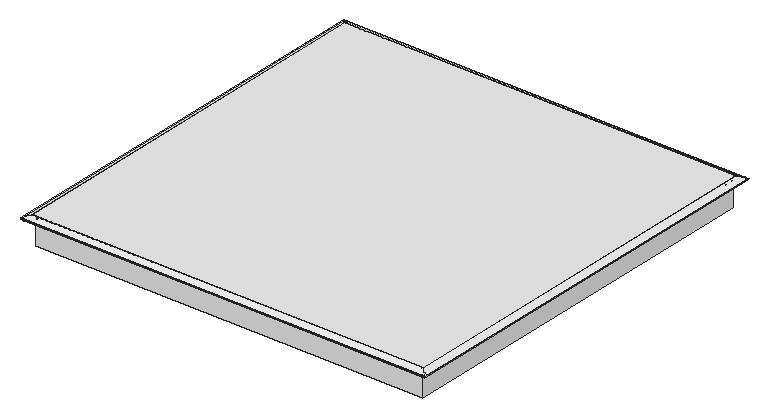
Revit family "Access_Door-Hidden_Flange-Cendrex-Removable-RMD", category Specialty Equipment, host Face, Revit 2013
Parameters (values of type "24 x 24")
  Width Actual = Frame Width Calc  # 24"
  URL = "http://www.cendrex.com"
  Product Page URL = "http://cendrex.com/index.php/en/general-purpose/rmd"
  Product Documentation Link = "http://cendrex.com/images/stories/TECH_DATA_SHEET_2014/rmd_cendrex_technical_data_sheet.pdf"
  Model = "RMD"  # constant formula
  Material = ""
  Manufacturer = "Cendrex"  # constant formula
  Height Actual = Frame Height Calc  # 24"
  Frame Depth = 1 59/128"  # constant formula
  Finish = Metal - Cendrex - Powder Coated White
  Frame Width Calc = if(Door Width < 6", 6", if(Door Width > 48", 48", Door Width))  # 24"
  Door Width = 24"
  Frame Height Calc = if(Door Height < 6", 6", if(Door Height > 48", 48", Door Height))  # 24"
  Door Swing [instance] = if(Door Open, 90.00°, 0.00°)  # 0.00°
  Door Open [instance] = no
  Door Height = 24"
  Description = "Removable aesthetic access door with hidden flange"  # constant formula
  Default Elevation = 0"
  Cut Out Length [instance] = 3"
  Construction Material = Metal - Cendrex - Aluminum
  Cendrex LEED Ready Program = "http://www.cendrex.com/index.php/en/leed"
  C Cut Out Length [instance] = if(Cut Out Length < Frame Depth, Frame Depth, Cut Out Length)  # 3"
  Available Options = "http://cendrex.com/index.php/en/options"
  Assembly Code = "C1020700"
Types (5): name | Width Actual | Height Actual | Frame Width Calc | Door Width | Frame Height Calc | Door Height
  Custom | 24" | 24" | 24" | 24" | 24" | 24"
  8 x 8 | 8" | 8" | 8" | 8" | 8" | 8"
  12 x 12 | 12" | 12" | 12" | 12" | 12" | 12"
  16 x 16 | 16" | 16" | 16" | 16" | 16" | 16"
  24 x 24 | 24" | 24" | 24" | 24" | 24" | 24"
Reference planes (in)
  plane 1 "Center (Front/Back)": y = 0
  plane 2: z = 0
  plane 3 "Center (Left/Right)": x = 6
  plane 4: x = -6
  plane 5: x = 18
  plane 6: y = 12
  plane 7: y = -12
  plane 8: z = -3
  plane 9: z = -1.46094
  plane 10: x = -5.5625
  plane 11: x = 17.5625
  plane 12: y = 11.5625
  plane 13: y = -11.5625
Forms (in)
  Extrusion 1, void
    sketch origin (0, 0, 0) x (1, 0, 0) y (0, 1, 0)
      loop
        line (-5.5625, 11.5625) -> (-5.5625, -11.5625) -> (17.5625, -11.5625) -> (17.5625, 11.5625) -> (-5.5625, 11.5625)
    from -3 to 0
Lines and regions (in)
  reference lines
    curve 1: line (-6, 0, 0) -> (4.5, 0, 0)
    curve 2: line (-6, 0, 0) -> (-6, 0, -3.5)
Dimensions and locks (in)
  equal spacing: plane 4, plane 3 "Center (Left/Right)", plane 5
  "Frame Width Calc": plane 4 to plane 5
  equal spacing: plane 6, plane 1 "Center (Front/Back)", plane 7
  "Frame Height Calc": plane 6 to plane 7
  "C Cut Out Length": plane 2 to plane 8
  "Frame Depth": level to plane 9
  locked: plane 4 to plane 10 at 0.4375
  locked: plane 11 to plane 5 at 0.4375
  locked: plane 6 to plane 12 at 0.4375
  locked: plane 7 to plane 13 at 0.4375
  "Door Swing": angle level to curve 1
  locked: curve 2 to curve 1 (angle 90.00°)
  aligned and locked: plane 2 to host face
  aligned and locked: level to host face
  aligned and locked: plane 1 "Center (Front/Back)" to nested 1
  aligned and locked: plane 3 "Center (Left/Right)" to nested 1
  aligned and locked: nested 2 to curve 1
  aligned and locked: nested 2 to curve 2
  aligned and locked: Extrusion 1 sketch curve to plane 11
  aligned and locked: plane 12 to Extrusion 1 sketch curve
  aligned and locked: Extrusion 1 sketch curve to plane 10
  aligned and locked: Extrusion 1 sketch curve to plane 13
Automatic sketch dimensions
  host sketch curve to host sketch curve = 76.59952"
  host sketch curve to host sketch curve = 76.44338"
  curve 2 to level = 0"
  curve 2 to plane 4 = 0"
Nested families (in)
  nested 1: "1-Frame_Base" at (6, 0, 0), type "1-Frame_Base"
  nested 2: "1-Door_Base" at (0.90603, 0, 0), type "1-Door_Base"
Definition of nested family "1-Frame_Base"
  Parameters (values of type "1-Frame_Base")
    Lock Configuration Offset Vertical = if(Door Height < 30", 5 1/8", if(Door Height < 36", 6 1/2", if(Door Height < 48", 8 9/16", 12 7/8")))  # 5 1/8"
    Lock Configuration Offset Horizontal = if(Door Width < 30", 5 1/8", if(Door Width < 36", 6 1/2", if(Door Width < 48", 8 9/16", 12 7/8")))  # 5 1/8"
    Lock 4 = if(Door Height > 24", 1 = 1, 1 = 0)  # no
    Lock 3 = if(Door Width > 24", 1 = 1, 1 = 0)  # no
    Lock 2 = if(and(Door Width > 16", or(not(Door Width > 24"), not(Door Width < 36"))), 1 = 1, 1 = 0)  # yes
    Lock 1 = if(or(not(Door Height > 24"), not(Door Height < 36")), 1 = 1, 1 = 0)  # yes
    Frame Width = 24"
    Frame Height = 24"
    Finish = Metal - Cendrex - Powder Coated White
    Door Width = Frame Width - 7/8"  # 23 1/8"
    Door Height = Frame Height - 7/8"  # 23 1/8"
    Assembly Code = ""
  Reference planes (in)
    plane 1 "Center (Front/Back)": y = 0
    plane 2: z = 0
    plane 3 "Center (Left/Right)": x = 0
    plane 4: x = -12
    plane 5: x = 12
    plane 6: y = 12
    plane 7: y = -12
    plane 8: y = -9.42199
    plane 9: y = -11.42199
    plane 10: y = 9.42199
    plane 11: y = 11.42199
    plane 12: z = 0.06201
    plane 13: z = -1.45999
    plane 14: y = 11.5625
    plane 15: y = -11.5625
    plane 16: y = 6.4375
    plane 17: y = -6.4375
    plane 18: x = 11.5625
    plane 19: x = 6.4375
    plane 20: x = -11.5625
    plane 21: x = -6.4375
    plane 22: y = 0.7207
    plane 23: y = -0.7207
    plane 24: y = 7.1582
    plane 25: y = 5.7168
    plane 26: y = -5.7168
    plane 27: y = -7.1582
  Forms (in)
    Extrusion 1, solid, material "Metal - Cendrex - Powder Coated White" <- "Finish", detail levels fine
      sketch origin (0, 0, 0) x (1, 0, 0) y (0, 1, 0)
        loop
          arc (-11.75, 12) -> (-11.92678, 11.92678) -> (-12, 11.75) r 0.25
          line (-12, 11.75) -> (-12, -11.75001)
          arc (-12, -11.75001) -> (-11.92678, -11.92678) -> (-11.75001, -12) r 0.24999
          line (-11.75001, -12) -> (11.75001, -12)
          arc (11.75001, -12) -> (11.92678, -11.92678) -> (12, -11.75001) r 0.24999
          line (12, -11.75001) -> (12, 11.75002)
          arc (12, 11.75002) -> (11.92678, 11.92678) -> (11.75002, 12) r 0.24998
          line (11.75002, 12) -> (-11.75, 12)
        loop
          line (-11.51644, -11.516) -> (11.51644, -11.516) -> (11.51644, 11.516) -> (-11.51644, 11.516) -> (-11.51644, -11.516)
      from 0 to 0.06201
    Sweep 2, solid, material "Metal - Cendrex - Powder Coated White" <- "Finish", visible <- "Lock 1", detail levels fine
      path origin (0, 0, 0) x (1, 0, 0) y (0, 1, 0)
        loop
          line (-11.51644, -11.516) -> (11.51644, -11.516) -> (11.51644, 11.516) -> (-11.51644, 11.516) -> (-11.51644, -11.516)
      profile origin (-11.51644, 0, 0) x (-1, 0, 0) y (0, 0, 1)
        loop
          line (0, 0) -> (0, 0.06245)
          arc (0, 0.06245) -> (-0.06678, 0.03478) -> (-0.09445, -0.032) r 0.09445
          line (-0.09445, -0.032) -> (-0.09445, -1.45999) -> (-0.032, -1.45999) -> (-0.032, -0.032)
          arc (-0.032, -0.032) -> (-0.02263, -0.00937) -> (0, 0) r 0.032
    Extrusion 3, solid, material "Metal - Cendrex - Powder Coated White" <- "Finish", visible <- "Lock 1", detail levels fine
      sketch origin (0, 0, 0) x (1, 0, 0) y (0, 0, 1)
        loop
          line (-11.42243, -0.16299) -> (-11.42243, -0.25101)
          arc (-11.42243, -0.25101) -> (-11.40652, -0.25566) -> (-11.38999, -0.257) r 0.08179
          line (-11.38999, -0.257) -> (-11.12216, -0.257) -> (-11.12216, -0.19499) -> (-11.38999, -0.19499)
          arc (-11.38999, -0.19499) -> (-11.41278, -0.18565) -> (-11.42243, -0.16299) r 0.03244
      from -0.7207 to 0.7207
    Extrusion 4, solid, material "Metal - Cendrex - Powder Coated White" <- "Finish", visible <- "Lock 1", detail levels fine
      sketch origin (0, 0, 0) x (-1, 0, 0) y (0, 0, -1)
        loop
          arc (-11.42243, 0.16299) -> (-11.41278, 0.18565) -> (-11.38999, 0.19499) r 0.03244
          line (-11.38999, 0.19499) -> (-11.12216, 0.19499) -> (-11.12216, 0.257) -> (-11.38999, 0.257)
          arc (-11.38999, 0.257) -> (-11.40652, 0.25566) -> (-11.42243, 0.25101) r 0.08179
          line (-11.42243, 0.25101) -> (-11.42243, 0.16299)
      from -0.7207 to 0.7207
    Extrusion 5, solid, material "Metal - Cendrex - Powder Coated White" <- "Finish", detail levels coarse+medium
      sketch origin (0, 0, 0) x (1, 0, 0) y (0, 1, 0)
        loop
          line (-12, 12) -> (-12, -12) -> (12, -12) -> (12, 12) -> (-12, 12)
      from -1.45999 to 0.06201
  Cuts and joins
    joined: Sweep 2, Extrusion 3, Extrusion 4
  Lines and regions (in)
    Masking region 1, detail levels coarse
      outline origin (0, 0, 0) x (1, 0, 0) y (0, 1, 0)
        loop
          line (-12, 12) -> (-12, -12) -> (12, -12) -> (12, 12) -> (-12, 12)
    Masking region 2, detail levels medium+fine
      outline origin (0, 0, 0) x (1, 0, 0) y (0, 1, 0)
        loop
          line (11.75002, 12) -> (-11.75, 12)
          arc (-11.75, 12) -> (-11.92678, 11.92678) -> (-12, 11.75) r 0.25
          line (-12, 11.75) -> (-12, -11.75001)
          arc (-12, -11.75001) -> (-11.92678, -11.92678) -> (-11.75001, -12) r 0.24999
          line (-11.75001, -12) -> (11.75001, -12)
          arc (11.75001, -12) -> (11.92678, -11.92678) -> (12, -11.75001) r 0.24999
          line (12, -11.75001) -> (12, 11.75002)
          arc (12, 11.75002) -> (11.92678, 11.92678) -> (11.75002, 12) r 0.24998
    Masking region 3, detail levels coarse+medium
      outline origin (0, 0, 0) x (1, 0, 0) y (0, 0, 1)
        loop
          line (-12, 0.06201) -> (-12, -1.45999) -> (12, -1.45999) -> (12, 0.06201) -> (-12, 0.06201)
    Masking region 4, detail levels fine
      outline origin (0, 0, 0) x (1, 0, 0) y (0, 0, 1)
        loop
          line (-11.48444, -0.032) -> (-11.48444, -1.45999) -> (11.48444, -1.45999) -> (11.48444, -0.032)
          arc (11.48444, -0.032) -> (11.49381, -0.00937) -> (11.51644, 0) r 0.032
          line (11.51644, 0) -> (12, 0) -> (12, 0.06201) -> (-12, 0.06201) -> (-12, 0) -> (-11.51644, 0)
          arc (-11.51644, 0) -> (-11.49381, -0.00937) -> (-11.48444, -0.032) r 0.032
    Masking region 5, detail levels coarse
      outline origin (0, 0, 0) x (0, 1, 0) y (0, 0, 1)
        loop
          line (12, 0.06201) -> (-12, 0.06201) -> (-12, -1.45999) -> (12, -1.45999) -> (12, 0.06201)
    Masking region 6
      outline origin (0, 0, 0) x (0, 1, 0) y (0, 0, 1)
        loop
          line (12, 0.06201) -> (-12, 0.06201) -> (-12, -1.45999) -> (12, -1.45999) -> (12, 0.06201)
    Masking region 7, detail levels medium+fine
      outline origin (0, 0, 0) x (0, 1, 0) y (0, 0, 1)
        loop
          line (-12, 0) -> (-11.516, 0)
          arc (-11.516, 0) -> (-11.49337, -0.00937) -> (-11.484, -0.032) r 0.032
          line (-11.484, -0.032) -> (-11.484, -1.45999) -> (11.484, -1.45999) -> (11.484, -0.032)
          arc (11.484, -0.032) -> (11.49337, -0.00937) -> (11.516, 0) r 0.032
          line (11.516, 0) -> (12, 0) -> (12, 0.06201) -> (-12, 0.06201) -> (-12, 0)
    symbolic lines, detail levels fine
      curve 1: line (-12, 0, 0) -> (12, 0, 0)
      curve 2: line (0, -12, 0) -> (0, 12, 0)
  Dimensions and locks (in)
    equal spacing: plane 4, plane 3 "Center (Left/Right)", plane 5
    equal spacing: plane 6, plane 1 "Center (Front/Back)", plane 7
    "Frame Height": plane 6 to plane 7
    "Frame Width": plane 4 to plane 5
    plane 7 to plane 9 to plane 8 = 0.57801" locked, 2" locked
    plane 10 to plane 11 to plane 6 = 2" locked, 0.57801" locked
    locked: plane 6 to plane 14 at 0.4375
    locked: plane 7 to plane 15 at 0.4375
    "Lock Configuration Offset Vertical": plane 14 to plane 16
    "Lock Configuration Offset Vertical": plane 15 to plane 17
    locked: plane 4 to plane 20 at 0.4375
    "Lock Configuration Offset Horizontal": plane 20 to plane 21
    locked: plane 18 to plane 5 at 0.4375
    "Lock Configuration Offset Horizontal": plane 19 to plane 18
    equal spacing: plane 22, plane 1 "Center (Front/Back)", plane 23
    locked: plane 22 to plane 23 at 1.44141
    equal spacing: plane 24, plane 16, plane 25
    locked: plane 24 to plane 25 at 1.44141
    equal spacing: plane 26, plane 17, plane 27
    locked: plane 26 to plane 27 at 1.44141
    aligned and locked: level to plane 2
    aligned: Sweep 2 sketch curve to Extrusion 1  (x4)
    aligned and locked: Masking region 1 sketch curve to plane 6
    aligned and locked: plane 5 to Masking region 1 sketch curve
    aligned and locked: plane 7 to Masking region 1 sketch curve
    aligned and locked: plane 4 to Masking region 1 sketch curve
    aligned and locked: Masking region 2 sketch curve to Extrusion 1  (x4)
    aligned and locked: Extrusion 5 sketch curve to plane 6
    aligned and locked: plane 4 to Extrusion 5 sketch curve
    aligned and locked: plane 7 to Extrusion 5 sketch curve
    aligned and locked: plane 5 to Extrusion 5 sketch curve
    aligned and locked: plane 12 to Masking region 3 sketch curve
    aligned and locked: plane 5 to Masking region 3 sketch curve
    aligned and locked: Masking region 3 sketch curve to plane 13
    aligned and locked: plane 4 to Masking region 3 sketch curve
    aligned and locked: Masking region 4 sketch curve to cut or joined group of Sweep 2, Extrusion 3, Extrusion 4  (x4)
    aligned and locked: Masking region 4 sketch curve to Extrusion 1  (x2)
    aligned and locked: Masking region 4 sketch curve to plane 4
    aligned and locked: Masking region 4 sketch curve to plane 5
    aligned and locked: curve 1 to Extrusion 1
    aligned and locked: plane 12 to Masking region 5 sketch curve
    aligned and locked: plane 7 to Masking region 5 sketch curve
    aligned and locked: Masking region 5 sketch curve to plane 13
    aligned and locked: Masking region 5 sketch curve to plane 6
    aligned and locked: plane 12 to Masking region 6 sketch curve
    aligned and locked: plane 7 to Masking region 6 sketch curve
    aligned and locked: Masking region 6 sketch curve to plane 13
    aligned and locked: Masking region 6 sketch curve to plane 6
    aligned and locked: plane 6 to Masking region 7 sketch curve
    aligned and locked: Masking region 7 sketch curve to Extrusion 1
    aligned and locked: plane 7 to Masking region 7 sketch curve
    aligned and locked: Masking region 7 sketch curve to cut or joined group of Sweep 2, Extrusion 3, Extrusion 4  (x4)
    aligned and locked: curve 2 to Extrusion 1
    aligned and locked: plane 23 to cut or joined group of Sweep 2, Extrusion 3, Extrusion 4  (x2)
    aligned and locked: plane 22 to cut or joined group of Sweep 2, Extrusion 3, Extrusion 4  (x2)
  Automatic sketch dimensions
    curve 2 to plane 7 = 0"
    curve 2 to plane 6 = 0"
    curve 1 to plane 4 = 0"
    plane 5 to curve 1 = 0"
    Extrusion 1 sketch curve to plane 4 = 0"
    Extrusion 1 sketch curve to plane 7 = 0"
    Extrusion 1 sketch curve to plane 6 = 0"
    Extrusion 1 sketch curve to plane 5 = 0"
    plane 15 to Extrusion 1 sketch curve = 3/16"
    Extrusion 1 sketch curve to plane 20 = 3/16"  (x2)
    plane 20 to Extrusion 1 sketch curve = 0.04606"
    plane 18 to Extrusion 1 sketch curve = 0.04606"
    Extrusion 1 sketch curve to plane 18 = 3/16"
    Extrusion 1 sketch curve to plane 15 = 0.0465"
    Extrusion 1 sketch curve to plane 14 = 0.0465"
    plane 20 to Sweep 2 sketch curve = 0.04606"
    Sweep 2 sketch curve to plane 15 = 0.0465"
    plane 18 to Sweep 2 sketch curve = 0.04606"
    Sweep 2 sketch curve to plane 14 = 0.0465"
    Sweep 2 sketch curve to profile plane = 0"
    Sweep 2 sketch curve to level = 0"
    Sweep 2 sketch curve to Sweep 2 sketch curve = 0.032"
    Sweep 2 sketch curve to Sweep 2 sketch curve = 0.06245"
    Sweep 2 sketch curve to level = 0.032"
    Sweep 2 sketch curve to Sweep 2 sketch curve = 1.42799"
    plane 20 to Extrusion 3 sketch curve = 0.14007"
    Extrusion 3 sketch curve to level = 0.257"
    Extrusion 3 sketch curve to Extrusion 3 sketch curve = 0.03244"  (x2)
    Extrusion 3 sketch curve to Extrusion 3 sketch curve = 0.26783"
    Extrusion 3 sketch curve to Extrusion 3 sketch curve = 0.00168"
    Extrusion 3 sketch curve to Extrusion 3 sketch curve = 0.00599"
    Extrusion 3 sketch curve to Extrusion 3 sketch curve = 0.06201"
    Extrusion 3 sketch curve to Extrusion 3 sketch curve = 0.01223"
    Extrusion 4 sketch curve to plane 18 = 0.14007"
    level to Extrusion 4 sketch curve = 0.257"
    Extrusion 4 sketch curve to Extrusion 4 sketch curve = 0.03244"  (x2)
    Extrusion 4 sketch curve to Extrusion 4 sketch curve = 0.26783"
    Extrusion 4 sketch curve to Extrusion 4 sketch curve = 0.00168"
    Extrusion 4 sketch curve to Extrusion 4 sketch curve = 0.00599"
    Extrusion 4 sketch curve to Extrusion 4 sketch curve = 0.06201"
    Extrusion 4 sketch curve to Extrusion 4 sketch curve = 0.01223"
Definition of nested family "1-Door_Base"
  Parameters (values of type "1-Door_Base")
    Lock Configuration Offset Vertical = if(Door Height < 30", 5 1/8", if(Door Height < 36", 6 1/2", if(Door Height < 48", 8 9/16", 12 7/8")))  # 5 1/8"
    Lock Configuration Offset Horizontal = if(Door Width < 30", 5 1/8", if(Door Width < 36", 6 1/2", if(Door Width < 48", 8 9/16", 12 7/8")))  # 5 1/8"
    Lock 4 = if(Door Height > 24", 1 = 1, 1 = 0)  # no
    Lock 3 = if(Door Width > 24", 1 = 1, 1 = 0)  # no
    Lock 2 = if(and(Door Width > 16", or(not(Door Width > 24"), not(Door Width < 36"))), 1 = 1, 1 = 0)  # yes
    Lock 1 = if(or(not(Door Height > 24"), not(Door Height < 36")), 1 = 1, 1 = 0)  # yes
    Finish = Metal - Cendrex - Powder Coated White
    Door Width = 24"
    Door Height = 24"
    Door Depth [instance] = 1.03057"
    Assembly Code = ""
  Reference planes (in)
    plane 1 "Center (Front/Back)": y = 0
    plane 2 "Back": z = 0
    plane 3 "Center (Left/Right)": x = 5.09397
    plane 4: x = -6.90603
    plane 5: x = 17.09397
    plane 6: y = 12
    plane 7: y = -12
    plane 8: x = 15.06297
    plane 9: y = -9.969
    plane 10: y = 9.969
    plane 11: x = -4.87503
    plane 12: y = 6.875
    plane 13: y = -6.875
    plane 14: x = -1.78103
    plane 15: x = 11.96897
  Forms (in)
    Sweep 1, solid, material "Metal - Cendrex - Powder Coated White" <- "Finish", detail levels fine
      path origin (0, 0, 0) x (1, 0, 0) y (0, 1, 0)
        loop
          line (-6.90603, -12) -> (17.09397, -12) -> (17.09397, 12) -> (-6.90603, 12) -> (-6.90603, -12)
      profile origin (-6.90603, 0, 0) x (-1, 0, 0) y (0, 0, 1)
        loop
          line (-0.02373, 0) -> (0, 0.05729) -> (-0.37516, 0.21269)
          arc (-0.37516, 0.21269) -> (-0.39007, 0.21702) -> (-0.40557, 0.21801) r 0.07097
          line (-0.40557, 0.21801) -> (-0.40557, 0.15816) -> (-0.02373, 0)
    Extrusion 2, solid, material "Metal - Cendrex - Powder Coated White" <- "Finish", detail levels fine
      sketch origin (0, 0, 0) x (1, 0, 0) y (0, 1, 0)
        loop
          line (-6.50046, 11.59443) -> (-6.50046, -11.59443) -> (16.6884, -11.59443) -> (16.6884, 11.59443) -> (-6.50046, 11.59443)
      from 0.15816 to 0.21801
    Extrusion 3, solid, material "Metal - Cendrex - Powder Coated White" <- "Finish", detail levels fine
      sketch origin (5.09397, 0, 0) x (1, 0, 0) y (0, 0, 1)
        loop
          line (-11.35999, -0.43738) -> (-11.35999, -0.00739) -> (-10.92199, -0.00739) -> (-10.92199, 0.06201) -> (-11.42199, 0.06201) -> (-11.42199, -0.43738) -> (-11.35999, -0.43738)
      from 9.42199 to 11.42199
    Extrusion 4, solid, material "Metal - Cendrex - Powder Coated White" <- "Finish", detail levels fine
      sketch origin (5.09397, 0, 0) x (1, 0, 0) y (0, 0, 1)
        loop
          line (-11.35999, -0.43738) -> (-11.35999, -0.00739) -> (-10.92199, -0.00739) -> (-10.92199, 0.06201) -> (-11.42199, 0.06201) -> (-11.42199, -0.43738) -> (-11.35999, -0.43738)
      from -11.42199 to -9.42199
    Extrusion 5, solid, material "Metal - Cendrex - Powder Coated White" <- "Finish", detail levels fine
      sketch origin (5.09397, 0, 0) x (-1, 0, 0) y (0, 0, -1)
        loop
          line (-11.35999, 0.43738) -> (-11.42199, 0.43738) -> (-11.42199, -0.06201) -> (-10.92199, -0.06201) -> (-10.92199, 0.00739) -> (-11.35999, 0.00739) -> (-11.35999, 0.43738)
      from 9.42199 to 11.42199
    Extrusion 6, solid, material "Metal - Cendrex - Powder Coated White" <- "Finish", detail levels fine
      sketch origin (5.09397, 0, 0) x (-1, 0, 0) y (0, 0, -1)
        loop
          line (-11.35999, 0.43738) -> (-11.42199, 0.43738) -> (-11.42199, -0.06201) -> (-10.92199, -0.06201) -> (-10.92199, 0.00739) -> (-11.35999, 0.00739) -> (-11.35999, 0.43738)
      from -11.42199 to -9.42199
  Cuts and joins
    joined: Sweep 1, Extrusion 2
  Lines and regions (in)
    Masking region 1, detail levels medium+fine
      outline origin (0, 0, 0) x (1, 0, 0) y (0, 1, 0)
        loop
          line (-6.90603, 12) -> (-6.90603, -12) -> (17.09397, -12) -> (17.09397, 12) -> (-6.90603, 12)
    Masking region 2, detail levels coarse+medium
      outline origin (0, 0, 0) x (1, 0, 0) y (0, 0, 1)
        loop
          line (-6.90603, 0.21801) -> (-6.90603, 0) -> (17.09397, 0) -> (17.09397, 0.21801) -> (-6.90603, 0.21801)
    Masking region 3, detail levels fine
      outline origin (0, 0, 0) x (1, 0, 0) y (0, 0, 1)
        loop
          line (16.70594, 0.21801) -> (-6.518, 0.21801) -> (-6.90603, 0.05729) -> (-6.8823, 0) -> (17.07024, 0) -> (17.09397, 0.05729) -> (16.70594, 0.21801)
    symbolic lines, detail levels fine
      curve 1: line (-6.50046, 11.59443, 0) -> (16.6884, 11.59443, 0)
      curve 2: line (-6.50046, -11.59443, 0) -> (-6.50046, 11.59443, 0)
      curve 3: line (16.6884, -11.59443, 0) -> (-6.50046, -11.59443, 0)
      curve 4: line (16.6884, 11.59443, 0) -> (16.6884, -11.59443, 0)
      curve 5: line (17.09397, -12, 0) -> (16.6884, -11.59443, 0)
      curve 6: line (-6.90603, -12, 0) -> (-6.50046, -11.59443, 0)
      curve 7: line (-6.90603, 12, 0) -> (-6.50046, 11.59443, 0)
      curve 8: line (17.09397, 12, 0) -> (16.6884, 11.59443, 0)
      curve 9: line (-6.90603, 0, 0.05729) -> (17.09397, 0, 0.05729)
  Dimensions and locks (in)
    equal spacing: plane 4, plane 3 "Center (Left/Right)", plane 5
    equal spacing: plane 6, plane 1 "Center (Front/Back)", plane 7
    "Door Width": plane 4 to plane 5
    "Door Height": plane 6 to plane 7
    locked: plane 6 to plane 10 at 2.031
    locked: plane 9 to plane 7 at 2.031
    locked: plane 8 to plane 5 at 2.031
    locked: plane 4 to plane 11 at 2.031
    "Lock Configuration Offset Vertical": plane 6 to plane 12
    "Lock Configuration Offset Vertical": plane 7 to plane 13
    "Lock Configuration Offset Horizontal": plane 4 to plane 14
    "Lock Configuration Offset Horizontal": plane 15 to plane 5
    Extrusion 3 sketch curve to Extrusion 3 sketch curve to Extrusion 3 sketch curve to plane 4 = 0.43799" locked, 0.06201" locked, 0.57801" locked
    Extrusion 3 sketch curve to Extrusion 3 sketch curve to level to Extrusion 3 sketch curve = 0.42999" locked, 0.00739" locked, 0.06201" locked
    Extrusion 6 sketch curve to Extrusion 6 sketch curve to Extrusion 6 sketch curve to plane 5 = 0.43799" locked, 0.06201" locked, 0.57801" locked
    Extrusion 6 sketch curve to Extrusion 6 sketch curve to plane 2 "Back" to Extrusion 6 sketch curve = 0.42999" locked, 0.00739" locked, 0.06201" locked
    Extrusion 5 sketch curve to Extrusion 5 sketch curve to Extrusion 5 sketch curve to plane 5 = 0.43799" locked, 0.06201" locked, 0.57801" locked
    Extrusion 5 sketch curve to Extrusion 5 sketch curve to level to Extrusion 5 sketch curve = 0.42999" locked, 0.00739" locked, 0.06201" locked
    Extrusion 4 sketch curve to Extrusion 4 sketch curve to Extrusion 4 sketch curve to plane 4 = 0.43799" locked, 0.06201" locked, 0.57801" locked
    Extrusion 4 sketch curve to Extrusion 4 sketch curve to level to Extrusion 4 sketch curve = 0.42999" locked, 0.00739" locked, 0.06201" locked
    plane 6 to Extrusion 4 to Extrusion 4 = 0.57801" locked, 2" locked
    plane 6 to Extrusion 6 to Extrusion 6 = 0.57801" locked, 2" locked
    Extrusion 5 to Extrusion 5 to plane 7 = 2" locked, 0.57801" locked
    Extrusion 3 to Extrusion 3 to plane 7 = 2" locked, 0.57801" locked
    aligned and locked: level to plane 2 "Back"
    aligned and locked: Sweep 1 sketch curve to plane 6
    aligned and locked: plane 5 to Sweep 1 sketch curve
    aligned and locked: plane 7 to Sweep 1 sketch curve
    aligned and locked: plane 4 to Sweep 1 sketch curve
    aligned and locked: Extrusion 2 sketch curve to Sweep 1  (x4)
    aligned and locked: Extrusion 2 to Sweep 1  (x2)
    aligned and locked: plane 3 "Center (Left/Right)" to nested 6
    aligned and locked: nested 6 to plane 9
    aligned and locked: plane 3 "Center (Left/Right)" to nested 3
    aligned and locked: nested 3 to plane 10
    aligned and locked: Masking region 1 sketch curve to plane 6
    aligned and locked: plane 5 to Masking region 1 sketch curve
    aligned and locked: plane 7 to Masking region 1 sketch curve
    aligned and locked: plane 4 to Masking region 1 sketch curve
    aligned and locked: curve 1 to cut or joined group of Sweep 1, Extrusion 2
    aligned and locked: curve 2 to cut or joined group of Sweep 1, Extrusion 2
    aligned and locked: curve 3 to cut or joined group of Sweep 1, Extrusion 2
    aligned and locked: curve 4 to cut or joined group of Sweep 1, Extrusion 2
    aligned and locked: curve 5 to cut or joined group of Sweep 1, Extrusion 2
    aligned and locked: curve 6 to cut or joined group of Sweep 1, Extrusion 2
    aligned and locked: curve 7 to cut or joined group of Sweep 1, Extrusion 2
    aligned and locked: curve 8 to cut or joined group of Sweep 1, Extrusion 2
    aligned and locked: level to Masking region 2 sketch curve
    aligned and locked: plane 4 to Masking region 2 sketch curve
    aligned and locked: plane 5 to Masking region 2 sketch curve
    aligned and locked: Masking region 3 sketch curve to cut or joined group of Sweep 1, Extrusion 2  (x5)
    aligned and locked: Masking region 3 sketch curve to level
    aligned and locked: plane 5 to curve 9
    aligned and locked: plane 4 to curve 9
    aligned and locked: curve 9 to cut or joined group of Sweep 1, Extrusion 2
    aligned and locked: nested 11 to plane 10
    aligned and locked: nested 2 to plane 10
    aligned and locked: nested 11 to plane 14
    aligned and locked: plane 15 to nested 2
    aligned and locked: nested 8 to plane 11
    aligned and locked: nested 8 to plane 12
    aligned and locked: plane 1 "Center (Front/Back)" to nested 4
    aligned and locked: nested 4 to plane 11
    aligned and locked: nested 10 to plane 11
    aligned and locked: plane 13 to nested 10
    aligned and locked: nested 12 to plane 9
    aligned and locked: nested 12 to plane 14
    aligned and locked: plane 15 to nested 5
    aligned and locked: nested 5 to plane 9
    aligned and locked: plane 13 to nested 9
    aligned and locked: plane 8 to nested 9
    aligned and locked: plane 1 "Center (Front/Back)" to nested 1
    aligned and locked: plane 8 to nested 1
    aligned and locked: nested 7 to plane 12
    aligned and locked: plane 8 to nested 7
  Automatic sketch dimensions
    Sweep 1 sketch curve to level = 0"
    Sweep 1 sketch curve to profile plane = 0"
    profile plane to Sweep 1 sketch curve = 0.02373"
    profile plane to Sweep 1 sketch curve = 0.37516"
    level to Sweep 1 sketch curve = 0.15816"
    Sweep 1 sketch curve to Sweep 1 sketch curve = 0.03041"
    Sweep 1 sketch curve to Sweep 1 sketch curve = 0.00325"
    level to Sweep 1 sketch curve = 0.05729"
    Sweep 1 sketch curve to Sweep 1 sketch curve = 0.01105"
    Sweep 1 sketch curve to Sweep 1 sketch curve = 0.05452"
    level to Masking region 2 sketch curve = 0.21801"
    curve 6 to plane 4 = 0"
    curve 7 to plane 4 = 0"
    curve 5 to plane 5 = 0"
    curve 8 to plane 5 = 0"
  Nested families (in)
    nested 1: "3d-Lock" at (15.06297, 0, 0.21801), visible <- "Lock 1", type "3d-Lock"
    nested 2: "3d-Lock" at (11.96897, 9.969, 0.21801), visible <- "Lock 3", type "3d-Lock"
    nested 3: "3d-Lock" at (5.09397, 9.969, 0.21801), visible <- "Lock 2", type "3d-Lock"
    nested 4: "3d-Lock" at (-4.87503, 0, 0.21801), visible <- "Lock 1", type "3d-Lock"
    nested 5: "3d-Lock" at (11.96897, -9.969, 0.21801), visible <- "Lock 3", type "3d-Lock"
    nested 6: "3d-Lock" at (5.09397, -9.969, 0.21801), visible <- "Lock 2", type "3d-Lock"
    nested 7: "3d-Lock" at (15.06297, 6.875, 0.21801), visible <- "Lock 4", type "3d-Lock"
    nested 8: "3d-Lock" at (-4.87503, 6.875, 0.21801), visible <- "Lock 4", type "3d-Lock"
    nested 9: "3d-Lock" at (15.06297, -6.875, 0.21801), visible <- "Lock 4", type "3d-Lock"
    nested 10: "3d-Lock" at (-4.87503, -6.875, 0.21801), visible <- "Lock 4", type "3d-Lock"
    nested 11: "3d-Lock" at (-1.78103, 9.969, 0.21801), visible <- "Lock 3", type "3d-Lock"
    nested 12: "3d-Lock" at (-1.78103, -9.969, 0.21801), visible <- "Lock 3", type "3d-Lock"
  Definition of nested family "3d-Lock"
    Parameters (values of type "3d-Lock")
      Assembly Code = ""
    Reference planes (in)
      plane 1 "Center (Front/Back)": y = 0
      plane 2 "Bottom": z = 0
      plane 3 "Center (Left/Right)": x = 0
      plane 4 "Top": z = 1
    Lines and regions (in)
      Masking region 1, detail levels fine
        outline origin (0, 0, 1) x (-1, 0, 0) y (0, -1, 0)
          loop
            circle (0, 0) r 0.242
      model lines, detail levels fine
        curve 1: circle (0, 0, 0) r 0.242 normal (0, 0, -1)
        curve 2: circle (0, 0, 0) r 0.18005 normal (0, 0, -1)
        curve 3: line (0.02717, -0.1188, 0) -> (-0.10122, 0.06801, 0)
        curve 4: arc (-0.10122, 0.06801, 0) -> (-0.08091, 0.12671, 0) -> (-0.01884, 0.12462, 0) r 0.0523
        curve 5: line (-0.01884, 0.12462, 0) -> (0.10963, -0.06214, 0)
        curve 6: arc (0.10963, -0.06214, 0) -> (0.08906, -0.12053, 0) -> (0.02717, -0.1188, 0) r 0.05254
      symbolic lines, detail levels fine
        curve 7: circle (0, 0, 1) r 0.18005 normal (0, 0, -1)
        curve 8: line (-0.01884, 0.12462, 1) -> (0.10963, -0.06214, 1)
        curve 9: arc (0.10963, -0.06214, 1) -> (0.08906, -0.12053, 1) -> (0.02717, -0.1188, 1) r 0.05254
        curve 10: line (0.02717, -0.1188, 1) -> (-0.10122, 0.06801, 1)
        curve 11: arc (-0.10122, 0.06801, 1) -> (-0.08091, 0.12671, 1) -> (-0.01884, 0.12462, 1) r 0.0523
    Dimensions and locks (in)
      aligned and locked: plane 2 "Bottom" to level
